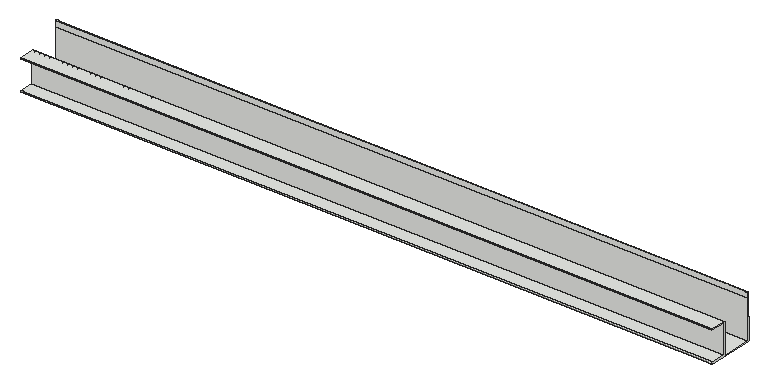
Revit family "PR4050", category Mechanical Equipment, Revit 2018
Family settings
  Round Connector Dimension = Use Diameter
  Part Type = Normal
  OmniClass Number = 23.75.00.00
  OmniClass Title = Climate Control (HVAC)
  Work Plane-Based = No
  Always vertical = Yes
  Cut with Voids When Loaded = No
  Shared = No
  Room Calculation Point = No
Parameters (values of type "ISOLAMIN PR4050 flashing")
  URL = "http://www.isolamin.se/"
  Thickness = "0.7 mm (Different thicknesses are available on request) \r\n0.7 mm (Different thicknesses are available on request) \r\n0.7 mm (Different thicknesses are available on request)"
  Profile Length = 1180 mm
  Model = "PR4050"
  Material = "Galvanized Steel"
  Manufacturer = "ISOLAMIN AB"
  Edition = "1.0 (2018)"
Reference planes
  plane 1 "Center (Front/Back)": y = 0
  plane 2: z = 0
  plane 3 "Center (Left/Right)": x = 0
  plane 4: y = -1284.913
  plane 5: x = 1180
Forms (mm)
  Extrusion 1, solid, material "ISOLAMIN Surface Profile Material"
    sketch origin (0, 0, 0) x (0, 1, 0) y (0, 0, 1)
      loop
        line (-77, 53) -> (-77, 52) -> (-52, 52) -> (-52, 2) -> (-76, 2)
        arc (-76, 2) -> (-77, 1) -> (-76, 0) r 1
        line (-76, 0) -> (-1, 0)
        arc (-1, 0) -> (-0.293, 0.293) -> (0, 1) r 1
        line (0, 1) -> (0, 76.256)
        arc (0, 76.256) -> (-1, 77) -> (-2, 76.256) r 1.044
        line (-2, 76.256) -> (-2, 67.7) -> (-1, 67.7) -> (-1, 1) -> (-51, 1) -> (-51, 53) -> (-77, 53)
    from 0 to 1180
Dimensions and locks
  "Profile Length": plane 3 "Center (Left/Right)" to plane 5
  aligned and locked: level to plane 2
  aligned and locked: plane 5 to Extrusion 1
Automatic sketch dimensions
  Extrusion 1 sketch curve to level = 0 mm
  Extrusion 1 sketch curve to plane 1 "Center (Front/Back)" = 0 mm
  plane 1 "Center (Front/Back)" to Extrusion 1 sketch curve = 1 mm  (x3)
  Extrusion 1 sketch curve to Extrusion 1 sketch curve = 1 mm  (x3)
  level to Extrusion 1 sketch curve = 1 mm
  Extrusion 1 sketch curve to Extrusion 1 sketch curve = 50 mm  (x2)
  level to Extrusion 1 sketch curve = 2 mm
  Extrusion 1 sketch curve to Extrusion 1 sketch curve = 24 mm
  Extrusion 1 sketch curve to Extrusion 1 sketch curve = 25 mm
  Extrusion 1 sketch curve to Extrusion 1 sketch curve = 14.7 mm
  Extrusion 1 sketch curve to Extrusion 1 sketch curve = 8.256 mm
  Extrusion 1 sketch curve to Extrusion 1 sketch curve = 0.3 mm
